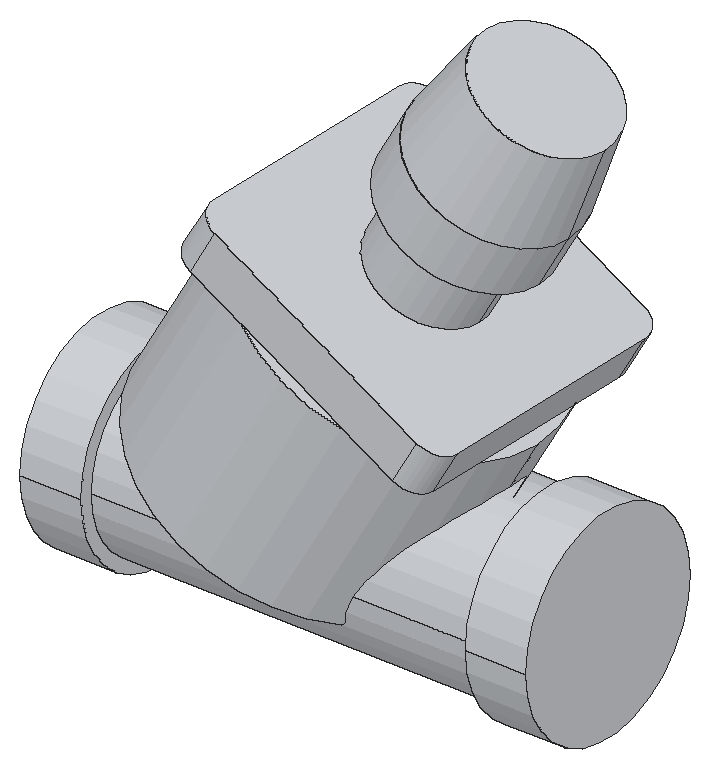
Revit family "OPTIMA_Compact_MM_DN25_5,5_RFA_2018", category Pipe Accessories, Revit 2018
Family settings
  Round Connector Dimension = Use Diameter
  Part Type = Valve - Breaks Into
  Work Plane-Based = No
  Always vertical = Yes
  Cut with Voids When Loaded = No
  Shared = No
Parameters (values of type "OPTIMA Compact DN25 M-M 5.5mm")
  magiProductId = "c9531e40f709430d814b4200686e37"
  magiProductFamilyId = "78ecc78dd0e54fb5aa8a98aef7d402"
  magiPartTypeId = 304
  isMeasuringValve [instance] = no
  ang2D [instance] = 0.00°
  Z = 0 mm
  X = 13 mm
  W2D = 32 mm
  VersionID = "2.0/2018.8.28.1/FRESE_OPTIMA-COMPACT-MM_001"
  Use Minimum Symbol Size [instance] = yes
  URL = "www.hydronic.cz"
  Type Comments = "vnější závit; PN25; 0~120°C, bez měřicích vsuvek"
  R9 = 8 mm
  R8 = 14 mm
  R7 = 17 mm
  R6 = 12 mm
  R5 = 5 mm
  R4 = 29 mm
  R3 = 31.5 mm
  R2 = 18.5 mm
  R1 = 21 mm
  QmdConnectorList = "301;D;302;D"
  Productdata [instance] = ""
  PLG0 = no
  Manufacturer = "Hydronic Systems Prague s.r.o."
  MC Product Code = "53-1313  (5/4\" M-M; 5.5mm; Qmin-dpmin 600l/h-17.3kPa; Qmax-dpmin 3609l/h-23.0kPa; dpmax 800kPa)"
  MC Piping Given Pressure Drop [instance] = 0.0 Pa
  LL = 52 mm
  L3 = 12.5 mm
  L2D_Min = 3048 mm
  L2D = 104 mm
  L2 = 79.04 mm
  L1__ve = -L1  # -12.48 mm
  L1 = 12.48 mm
  H6__ve = -H6  # -63 mm
  H6 = 63 mm
  H5 = 20 mm
  H4 = 12 mm
  H3 = 16 mm
  H2 = 10 mm
  H1 = 43 mm
  Description = "Tlakově nezávislý 2-cestný regulační vyvažovací ventil (PICV)"
  D = 25 mm
  A = 30.00°
Types (8, lengths in mm): name | magiProductId | Z | X | R4 | R3 | R2 | R1 | MC Product Code | LL | L3 | L2 | L1__ve | L1 | H6__ve | H6 | H5 | H3 | H2 | H1 | D
  OPTIMA Compact DN32 M-M 5.5mm | "9229f6b2647a4beea29cfed7a0464e" | 1 | 13 | 29 | 31.5 | 22 | 24 | "53-1314  (6/4\" M-M; 5.5mm; Qmin-dpmin 550l/h-17.9kPa; Qmax-dpmin 4001l/h-28.0kPa; dpmax 800kPa)" | 52 | 12.5 | 79.04 | -12.48 | 12.48 | -66 | 66 | 20 | 16 | 10 | 46 | 32
  OPTIMA Compact DN15 M-M 2.5mm | "cf91b4957677408aaed6de7f8e707d" | 0 | 7 | 19 | 19 | 12 | 13 | "53-1304  (3/4\" M-M; 2.5mm; Qmin-dpmin 100l/h-14.9kPa; Qmax-dpmin 575l/h-18.5kPa; dpmax 800kPa)" | 32.5 | 11 | 49.4 | -7.8 | 7.8 | -55 | 55 | 20 | 18 | 8 | 26 | 15
  OPTIMA Compact DN15 M-M 5.0mm | "3da7abe28dc3494da6d3a7ef2edb11" | 0 | 7 | 19 | 19 | 12 | 13 | "53-1305  (3/4\" M-M; 5.0mm; Qmin-dpmin 220l/h-16.0kPa; Qmax-dpmin 1330l/h-21.6kPa; dpmax 800kPa)" | 32.5 | 11 | 49.4 | -7.8 | 7.8 | -55 | 55 | 20 | 18 | 8 | 26 | 15
  OPTIMA Compact DN20 M-M 5.0mm | "dbf1ea5749af4e6bb74c096f7a23b2" | 0 | 10 | 19 | 19 | 13.5 | 16.5 | "53-1308  (1\" M-M; 5.0mm; Qmin-dpmin 220l/h-16.0kPa; Qmax-dpmin 1330l/h-21.6kPa; dpmax 800kPa)" | 35 | 11 | 53.2 | -8.4 | 8.4 | -58.5 | 58.5 | 20 | 18 | 8 | 26 | 20
  OPTIMA Compact DN20 M-M 5.5mm | "a40c776a67e54a899e920652842cb9" | 0 | 10 | 19 | 19 | 13.5 | 16.5 | "53-1311  (1\" M-M; 5.5mm; Qmin-dpmin 300l/h-17.8kPa; Qmax-dpmin 1800l/h-40.0kPa; dpmax 800kPa)" | 35 | 11 | 53.2 | -8.4 | 8.4 | -58.5 | 58.5 | 20 | 18 | 8 | 26 | 20
  OPTIMA Compact DN25 M-M 5.5mm | "c9531e40f709430d814b4200686e37" | 0 | 13 | 29 | 31.5 | 18.5 | 21 | "53-1313  (5/4\" M-M; 5.5mm; Qmin-dpmin 600l/h-17.3kPa; Qmax-dpmin 3609l/h-23.0kPa; dpmax 800kPa)" | 52 | 12.5 | 79.04 | -12.48 | 12.48 | -63 | 63 | 20 | 16 | 10 | 43 | 25
  OPTIMA Compact DN10 M-M 2.5mm | "719160033de540c9acf49957212ec3" | 0 | 7 | 19 | 19 | 9 | 10.5 | "53-1300  (1/2\" M-M; 2.5mm; Qmin-dpmin 30l/h-14.3kPa; Qmax-dpmin 200l/h-15.8kPa; dpmax 800kPa)" | 32.5 | 11 | 49.4 | -7.8 | 7.8 | -52.5 | 52.5 | 17 | 18 | 8 | 30 | 10
  OPTIMA Compact DN10 M-M 5.0mm | "5a6cfbbfc7584f5c989f475761ae24" | 0 | 7 | 19 | 19 | 9 | 10.5 | "53-1309  (1/2\" M-M; 5.0mm; Qmin-dpmin 65l/h-14.6kPa; Qmax-dpmin 370l/h-17.2kPa; dpmax 800kPa)" | 32.5 | 11 | 49.4 | -7.8 | 7.8 | -52.5 | 52.5 | 17 | 18 | 8 | 30 | 10
Reference planes
  plane 1 "Center (Front/Back)": y = 0
  plane 2 "XYPLANE": z = 0
  plane 3 "Center (Left/Right)": x = 0
  plane 4 "267": x = 12.5
  plane 5 "266": x = -12.5
  plane 6 "252": through (-599.019, 0, 462.469) normal (0.5, 0, 0.866)
  plane 7 "250": through (-609.019, 0, 445.148) normal (0.5, 0, 0.866)
  plane 8 "248": through (-615.019, 0, 434.756) normal (0.5, 0, 0.866)
  plane 9 "245": through (-623.019, 0, 420.899) normal (0.5, 0, 0.866)
  plane 10 "241": through (338.627, 0, 670.519) normal (0.866, 0, -0.5)
  plane 11 "240": through (388.856, 0, 641.519) normal (0.866, 0, -0.5)
  plane 12 "239": y = -29
  plane 13 "238": y = 29
  plane 14 "237": through (-628.019, 0, 412.239) normal (0.5, 0, 0.866)
  plane 15 "235": through (-649.519, 0, 375) normal (0.5, 0, 0.866)
  plane 16 "231": y = 0
  plane 17 "230": through (363.742, 0, 656.019) normal (0.866, 0, -0.5)
  plane 18 "211": x = -39.52
  plane 19 "204": x = 52
  plane 20 "203": x = -52
  plane 21 "202": x = 0
  plane 22 "201": z = 0
  plane 23 "200": y = 0
  plane 24 "227XY": through (-649.519, 0, 375) normal (0.5, 0, 0.866)
  plane 25 "227XZ": y = 0
  plane 26 "227YZ": through (375, 0, 649.519) normal (0.866, 0, -0.5)
Forms (mm)
  Extrusion 1, solid, visible <- "PLG0"
    sketch origin (-750, 0, 0) x (1, 0, 0) y (0, 1, 0)
      loop
        circle (762.5, 0) r 8
    from 0 to -63 <- "H6__ve"
  Extrusion 2, solid, visible <- "PLG0"
    sketch origin (-750, 0, 0) x (1, 0, 0) y (0, 1, 0)
      loop
        circle (737.5, 0) r 8
    from 0 to -63 <- "H6__ve"
  Blend 3, solid
    base sketch origin (-609.019, 0, 445.148) x (0.866025, 0, -0.5) y (0, 1, 0)
      loop
        circle (737, 0) r 17
    top sketch origin (-609.019, 0, 445.148) x (0.866025, 0, -0.5) y (0, 1, 0)
      loop
        circle (737, 0) r 14
    from 0 to 20
  Extrusion 4, solid
    sketch origin (-615.019, 0, 434.756) x (0.866025, 0, -0.5) y (0, 1, 0)
      loop
        circle (737, 0) r 17
    from 0 to 12 <- "H4"
  Extrusion 5, solid
    sketch origin (-623.019, 0, 420.899) x (0.866025, 0, -0.5) y (0, 1, 0)
      loop
        circle (737, 0) r 12
    from 0 to 16 <- "H3"
  Extrusion 6, solid
    sketch origin (-628.019, 0, 412.239) x (0.866025, 0, -0.5) y (0, 1, 0)
      loop
        arc (713, 29) -> (709.464, 27.536) -> (708, 24) r 5
        line (708, 24) -> (708, -24)
        arc (708, -24) -> (709.464, -27.536) -> (713, -29) r 5
        line (713, -29) -> (761, -29)
        arc (761, -29) -> (764.536, -27.536) -> (766, -24) r 5
        line (766, -24) -> (766, 24)
        arc (766, 24) -> (764.536, 27.536) -> (761, 29) r 5
        line (761, 29) -> (713, 29)
    from 0 to 10 <- "H2"
  Extrusion 7, solid
    sketch origin (-649.519, 0, 375) x (0.866025, 0, -0.5) y (0, 1, 0)
      loop
        circle (737, 0) r 31.5
    from 0 to 43 <- "H1"
  Extrusion 8, solid
    sketch origin (-39.52, -750, 0) x (0, 1, 0) y (0, 0, 1)
      loop
        circle (750, 0) r 18.5
    from 0 to 79.04 <- "L2"
  Extrusion 9, solid
    sketch origin (52, -750, 0) x (0, 1, 0) y (0, 0, 1)
      loop
        circle (750, 0) r 21
    from 0 to -12.48 <- "L1__ve"
  Extrusion 10, solid
    sketch origin (-52, -750, 0) x (0, 1, 0) y (0, 0, 1)
      loop
        circle (750, 0) r 21
    from 0 to 12.48 <- "L1"
  Extrusion 11, solid, not visible
    sketch origin (52, -750, 0) x (0, 1, 0) y (0, 0, 1)
      loop
        circle (750, 0) r 10
    from 0 to -10
  Extrusion 12, solid, not visible
    sketch origin (-52, -750, 0) x (0, 1, 0) y (0, 0, 1)
      loop
        circle (750, 0) r 10
    from 0 to 10
Lines and regions (mm)
  reference lines, not visible
    curve 1: circle (2, 2, 0) r 1 normal (0, 0, 1)
Dimensions and locks
  plane 1 "Center (Front/Back)" to curve 1 = 2 mm
  "L3": plane 3 "Center (Left/Right)" to plane 4 "267"
  "L3": plane 3 "Center (Left/Right)" to plane 5 "266"
  "H5": plane 7 "250" to plane 6 "252"
  "H4": plane 8 "248" to plane 7 "250"
  "H3": plane 9 "245" to plane 8 "248"
  "H2": plane 14 "237" to plane 9 "245"
  "R4": plane 17 "230" to plane 10 "241"
  "R4": plane 17 "230" to plane 11 "240"
  "R4": plane 23 "200" to plane 12 "239"
  "R4": plane 23 "200" to plane 13 "238"
  "H1": plane 15 "235" to plane 14 "237"
  "Z": plane 24 "227XY" to plane 15 "235"
  locked: plane 23 "200" to plane 16 "231"
  "X": plane 26 "227YZ" to plane 17 "230"
  "L1": plane 20 "203" to plane 18 "211"
  "LL": plane 3 "Center (Left/Right)" to plane 19 "204"
  "LL": plane 3 "Center (Left/Right)" to plane 20 "203"
  locked: plane 3 "Center (Left/Right)" to plane 21 "202"
  locked: plane 2 "XYPLANE" to plane 22 "201"
  locked: plane 1 "Center (Front/Back)" to plane 23 "200"
  Extrusion 6 sketch curve to Extrusion 6 sketch curve = 0 mm  (x16)
  "R9": radius of Extrusion 1 sketch curve
  "R9": radius of Extrusion 2 sketch curve
  "R8": radius of Blend 3 sketch curve
  "R7": radius of Blend 3 sketch curve
  "R7": radius of Extrusion 4 sketch curve
  "R6": radius of Extrusion 5 sketch curve
  "R5": radius of Extrusion 6 sketch curve  (x4)
  "R3": radius of Extrusion 7 sketch curve
  "R2": radius of Extrusion 8 sketch curve
  "R1": radius of Extrusion 9 sketch curve
  "R1": radius of Extrusion 10 sketch curve
  aligned and locked: level to plane 2 "XYPLANE"
  aligned and locked: plane 4 "267" to Extrusion 1 sketch curve
  aligned and locked: plane 23 "200" to Extrusion 1 sketch curve
  aligned and locked: plane 5 "266" to Extrusion 2 sketch curve
  aligned and locked: plane 23 "200" to Extrusion 2 sketch curve
  aligned and locked: plane 16 "231" to Blend 3 sketch curve  (x2)
  aligned and locked: Blend 3 sketch curve to plane 17 "230"  (x2)
  aligned and locked: plane 6 "252" to Blend 3
  aligned and locked: plane 16 "231" to Extrusion 4 sketch curve
  aligned and locked: Extrusion 4 sketch curve to plane 17 "230"
  aligned and locked: plane 16 "231" to Extrusion 5 sketch curve
  aligned and locked: Extrusion 5 sketch curve to plane 17 "230"
  aligned and locked: Extrusion 6 sketch curve to plane 10 "241"
  aligned and locked: Extrusion 6 sketch curve to plane 12 "239"
  aligned and locked: Extrusion 6 sketch curve to plane 11 "240"
  aligned and locked: plane 13 "238" to Extrusion 6 sketch curve
  aligned and locked: plane 16 "231" to Extrusion 7 sketch curve
  aligned and locked: Extrusion 7 sketch curve to plane 17 "230"
  aligned and locked: plane 22 "201" to Extrusion 8 sketch curve
  aligned and locked: Extrusion 8 sketch curve to plane 23 "200"
  aligned and locked: plane 22 "201" to Extrusion 9 sketch curve
  aligned and locked: Extrusion 9 sketch curve to plane 23 "200"
  aligned and locked: plane 22 "201" to Extrusion 10 sketch curve
  aligned and locked: Extrusion 10 sketch curve to plane 23 "200"
  aligned and locked: plane 22 "201" to Extrusion 11 sketch curve
  aligned and locked: Extrusion 11 sketch curve to plane 23 "200"
  aligned and locked: plane 22 "201" to Extrusion 12 sketch curve
  aligned and locked: Extrusion 12 sketch curve to plane 23 "200"
Automatic sketch dimensions
  plane 1 "Center (Front/Back)" to Extrusion 11 sketch curve = 10 mm
  plane 1 "Center (Front/Back)" to Extrusion 12 sketch curve = 10 mm
  plane 3 "Center (Left/Right)" to curve 1 = 2 mm
  radius of curve 1 = 1 mm
Connectors
  piping at (-52, 0, 0), diameter 25, driven by "D"
    settings: on Extrusion 12, index 1, connector inside diameter 609.6 mm, connector length 0 mm, flow factor 0, pipe flow 0.0 L/s, pressure drop 0.0 Pa, fitting loss kfactor 0, connector angle 0.00°, fixture units 0, engagement length 0 mm, angle of deflection 0.00°, flow configuration 0, flow direction 0, fitting loss method 0, system type 29, joint type 0, gender type 0, connector reference index 2, connector utility 0, adjustable connector no, is connector primary yes, connector description ""
  piping at (52, 0, 0), diameter 25, driven by "D"
    settings: on Extrusion 11, index 2, connector inside diameter 609.6 mm, connector length 0 mm, flow factor 0, pipe flow 0.0 L/s, pressure drop 0.0 Pa, fitting loss kfactor 0, connector angle 0.00°, fixture units 0, engagement length 0 mm, angle of deflection 0.00°, flow configuration 0, flow direction 0, fitting loss method 0, system type 29, joint type 0, gender type 0, connector reference index 1, connector utility 0, adjustable connector no, is connector primary no, connector description ""
